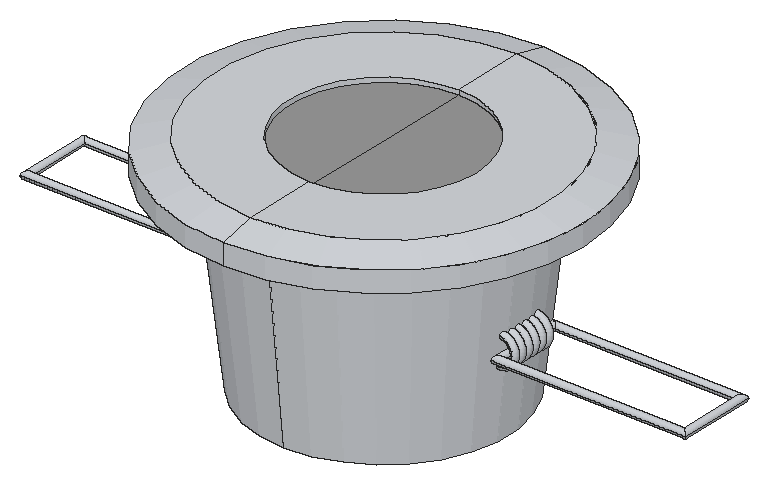
Revit family "0005363-4000K", category Lighting Fixtures, host Face, Revit 2018
Family settings
  Host = Face
  Round Connector Dimension = Use Diameter
  Part Type = Normal
  OmniClass Number = 23.80.70.00
  OmniClass Title = Lighting
  Cut with Voids When Loaded = No
  Light Source = Yes
  Shared = No
  Room Calculation Point = No
Parameters (values of type "0005363 OBICO 68 IP65 550LM 3CCT DIM ADJ WHT")
  Weight = "n/a"
  Wattage Comments = ""
  Wattage = 159.577 W
  WarrantyStartDate [instance] = "n/a"
  WarrantyGuarantorParts = "n/a"
  WarrantyDurationUnit = "n/a"
  WarrantyDurationParts = ""
  WarrantyDescription = "http://www.sylvania-lighting.com"
  built-in parameter 1150110 = 1 (stored number, unit not read)
  Voltage = 0 V
  URL = "0.8"
  TypeName = "OBICO 68 IP65 550lm 3CCT DIM ADJ WHITE"
  Type Image = <None>
  Type Comments = "n/a"
  built-in parameter 1114217 = 1 (stored number, unit not read)
  Tilt Angle = -90.00°
  built-in parameter 1150109 = 1 (stored number, unit not read)
  built-in parameter 1150134 = 12
  built-in parameter 1150113 = 1 (stored number, unit not read)
  SerialNumber [instance] = "n/a"
  Photometric Web File = "0005363-4000K.ies"
  Material_3_SYL = none
  PowerFactor = 0.9
  PowerConsumption = "Lighting"
  NominalLength = 117 mm
  NominalHeight = 54 mm
  NominalDepth = 96 mm
  Name = "OBICO 68 IP65 550lm 3CCT DIM ADJ WHITE"
  ModelReference = Name  # "OBICO 68 IP65 550lm 3CCT DIM ADJ WHITE"
  ModelNumber = "0005363"
  Model = Name  # "OBICO 68 IP65 550lm 3CCT DIM ADJ WHITE"
  Material = "Feilo Sylvania"
  ManufacturerName = "102 lm/W"
  Manufacturer = ""
  LuminousEfficacy = ""
  built-in parameter 1150105 = 17079.1 (stored number, unit not read)
  Lumens = 13404.5 lm
  LuminaireType = "0"
  built-in parameter 1150115 = 1 (stored number, unit not read)
  LightOutputRatio = "LED"
  built-in parameter 1150137 = (empty or 0)
  built-in parameter 1150139 = (empty or 0)
  LampsType = Lamp  # "n/a"
  LampNominalLuminous = "3000 K"
  LampMacAdamStep = "90"
  LampColourTemperature = "LED"
  LampColourRenderingIndex = "16500"
  built-in parameter 1150112 = 1 (stored number, unit not read)
  built-in parameter 1150114 = 1 (stored number, unit not read)
  Lamp = "n/a"
  Keynote = "n/a"
  InstallationDate [instance] = "n/a"
  InputVoltage = "0"
  InputNominalFrequency = "3000"
  built-in parameter 1150132 = (empty or 0)
  built-in parameter 1150102 = (empty or 0)
  built-in parameter 1150107 = 4000 (stored number, unit not read)
  built-in parameter 1150138 = (empty or 0)
  IngressProtection = "IfcLightFixtureType"
  ImpactProtectionIndex = "IfcLightFixtureType"
  built-in parameter 1150106 = 170.79 (stored number, unit not read)
  IfcExportType = "IfcLightFixtureType"
  IfcExportAs = "Class II"
  Emit from Circle Diameter = 609.6 mm
  Emit Shape Visible in Rendering = no
  ElectricShockClassification = "102"
  built-in parameter 1150104 = 7.8039 (stored number, unit not read)
  DocumentationLiterature = "http://www.sylvania-lighting.com/product/en-int/products/0005363"
  DimmingControlOptions = "n/a"
  Material_2_SYL = none
  Dimming Lamp Color Temperature Shift = <None>
  Description = "OBICO 68 IP65 550lm 3CCT DIM ADJ WHITE"
  Default Elevation = 1219.2 mm
  CreatedOn = "27/07/2022"
  CreatedBy = "@sylvania-lighting.com"
  Cost = 0
  Color Filter = 16777215
  built-in parameter 1114216 [instance] = (empty or 0)
  ClassificationValue = "EF_70_80"
  ClassificationName = "Uniclass2015"
  Material_1_SYL = Default
  BarCode [instance] = "n/a"
  built-in parameter 1114218 = 1 (stored number, unit not read)
  built-in parameter 1150133 = 10 (stored number, unit not read)
  AssetType = "Fixed"
  AssetIdentifier [instance] = "n/a"
  Assembly Code = "D5020200"
  Apparent Load = 5.4 VA
  Material_4_SYL = none
Reference planes
  plane 1 "Center (Front/Back)": y = 0
  plane 2: z = 0
  plane 3 "Center (Left/Right)": x = 0
  plane 4: y = -48
  plane 5: y = 48
  plane 6: z = 7
  plane 7: z = -4
  plane 8: z = -47
  plane 9: y = 40
  plane 10: y = -40
  plane 11: y = 30
  plane 12: y = -30
  plane 13: y = -35
  plane 14: y = 35
  plane 15: z = 5
  plane 16: y = 22.5
  plane 17: z = 6
Forms (mm)
  Revolve 1, solid, detail levels medium+fine
    sketch origin (0.25, 1524, 1219.2) x (0, 1, 0) y (0, 0, 1)
      loop
        line (-1524, -1214.2) -> (-1524, -1266.2) -> (-1494, -1266.2) -> (-1489, -1223.2) -> (-1489, -1219.2) -> (-1476, -1219.2) -> (-1476, -1214.2) -> (-1484, -1212.2) -> (-1501.5, -1212.2) -> (-1501.5, -1214.2) -> (-1524, -1214.2)
      axis (-1524, -1266.2) -> (-1524, -1212.2)
    angle from 360 to 0
  Revolve 2, solid, material "Glass, White, High Luminance"
    sketch origin (0.25, 1524, 1219.2) x (0, 1, 0) y (0, 0, 1)
      loop
        line (-1501.5, -1213.2) -> (-1524, -1213.2) -> (-1524, -1214.2) -> (-1501.5, -1214.2) -> (-1501.5, -1213.2)
      axis (-1524, -1214.2) -> (-1524, -1213.2)
    angle from 360 to 0
  Sweep 3, solid, detail levels fine
    path origin (-4.117, 0.46, 7.176) x (1, 0, 0) y (0, 1, 0)
      loop
        line (-75, 8.5) -> (-75, -8.5) -> (-30, -8.5) -> (-30, 8.5) -> (-75, 8.5)
    profile origin (-56.617, 8.96, 7.176) x (0, 1, 0) y (0, 0, 1)
      loop
        circle (0, -33.041) r 0.899
  Revolve 4, solid, detail levels fine
    sketch origin (-32.259, 1523.987, 1226.512) x (0, 1, 0) y (0, 0, 1)
      loop
        circle (-1518.723, -1248.745) r 0.801
      loop
        circle (-1520.733, -1248.823) r 0.801
      loop
        circle (-1522.743, -1248.823) r 0.801
      loop
        circle (-1524.772, -1248.823) r 0.801
      loop
        circle (-1526.817, -1248.823) r 0.801
      loop
        circle (-1528.846, -1248.823) r 0.801
      axis (-1529.647, -1252.2) -> (-1517.923, -1252.2)
    angle from -29.09 to 193.564
  Sweep 5, solid, detail levels fine
    path origin (4.117, 0.46, 7.176) x (-1, 0, 0) y (0, -1, 0)
      loop
        line (-75, -8.5) -> (-30, -8.5) -> (-30, 8.5) -> (-75, 8.5) -> (-75, -8.5)
    profile origin (56.617, 8.96, 7.176) x (0, -1, 0) y (0, 0, 1)
      loop
        circle (0, -33.041) r 0.899
  Revolve 6, solid, detail levels fine
    sketch origin (32.259, 1523.987, 1226.512) x (0, 1, 0) y (0, 0, -1)
      loop
        circle (-1518.723, 1248.745) r 0.801
      loop
        circle (-1520.733, 1248.823) r 0.801
      loop
        circle (-1522.743, 1248.823) r 0.801
      loop
        circle (-1524.772, 1248.823) r 0.801
      loop
        circle (-1526.817, 1248.823) r 0.801
      loop
        circle (-1528.846, 1248.823) r 0.801
      axis (-1529.647, 1252.2) -> (-1517.923, 1252.2)
    angle from -29.09 to 193.564
  Extrusion 7, solid, detail levels coarse
    sketch origin (0, 0, 0) x (1, 0, 0) y (0, 0, 1)
      loop
        line (-80, 7) -> (-80, -47) -> (80.025, -47) -> (80.025, 7) -> (-80, 7)
    from -48 to 48
Dimensions and locks
  aligned and locked: plane 2 to host face
  aligned and locked: level to host face
  aligned and locked: Revolve 2 sketch curve to plane 17
  aligned and locked: Revolve 2 sketch curve to plane 16
  aligned and locked: Revolve 2 sketch curve to Revolve 1
  aligned and locked: plane 1 "Center (Front/Back)" to Revolve 2 sketch curve
Connectors
  electrical at (0.25, -30, -47)
    settings: on Revolve 1, index 1, voltage 0 V, apparent load 0 VA, apparent load phase1 0 VA, apparent load phase2 0 VA, apparent load phase3 0 VA, power factor 1, load classification "Other", number of poles 1, system type 31, power factor state 1, is connector primary yes, connector utility no, sub classification motor no, connector description ""
